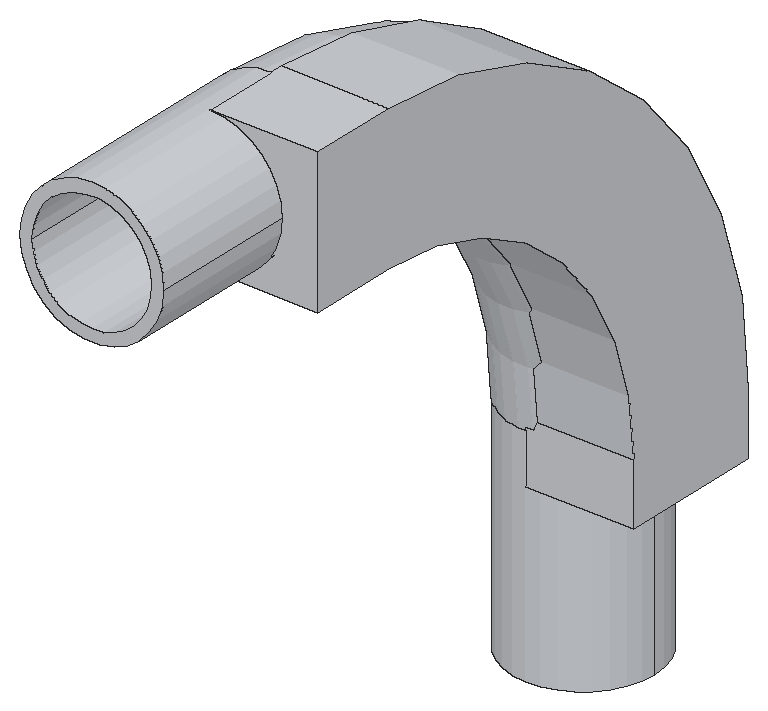
Revit family "PIB20B", category Generic Models, Revit 2017
Family settings
  Can host rebar = No
  Round Connector Dimension = Use Diameter
  Part Type = Normal
  Work Plane-Based = Yes
  Always vertical = No
  Cut with Voids When Loaded = No
  Shared = No
  Room Calculation Point = No
Parameters (values of type "NBS Standard Parameters")
  Weight = "0.0453Kg"
  WarrantyStartDate [instance] = "1900-12-31T23:59:59"
  WarrantyGuarantorParts = "n/a"
  WarrantyGuarantorLabor = "n/a"
  WarrantyDurationUnit = "1 year"
  WarrantyDurationParts = "n/a"
  WarrantyDurationLabor = "n/a"
  WarrantyDescription = "n/a"
  Version = "1"
  Uniclass2 = "Pr_65_70_11_20"
  TagNumber [instance] = "n/a"
  SustainabilityPerformance = "n/a"
  Size = "20mm"
  Shape = "Circular"
  SerialNumber [instance] = "n/a"
  Revision = "n/a"
  ReplacementCost = "n/a"
  ProductInformation = "www.metpro.co.uk/pdf/pib20w.pdf"
  NominalWidth = 112 mm
  NominalLength = 112 mm
  NominalHeight = 30 mm
  Name = ""
  NBSTypeID = ""
  NBSReference = "90-55-10/460"
  NBSOfficeMasterTag = ""
  NBSNote = ""
  NBSDescription = "Conduit Fittings"
  NBSCertification = ""
  ModelReference = "PIB20B"
  ModelNumber = "n/a"
  Material = "PVC"
  ManufacturerURL = "www.metpro.co.uk"
  ManufacturerName = "Metpro Ltd"
  Keynote = "Manufactured to BS4607 Part 1"
  InstallationDate [instance] = "1900-12-31T23:59:59"
  IfcExportType = ""
  IfcExportAs = ""
  Grade = "n/a"
  Finish = "Black"
  Features = "n/a"
  ExpectedLife = "n/a"
  DurationUnit = "year"
  Description = "PIB20B -PVC 20mm Conduit Inspection Bend"
  Default Elevation = 1219.2 mm
  Constituents = "n/a"
  Color = "n/a"
  CodePerformance = "n/a"
  Category = "n/a"
  BarCode [instance] = "n/a"
  BIMObjectName = "Metpro_metprolibrary_conduitfittings_pvccommponent_accessory"
  Author = "Metpro Ltd"
  AssetType = ""
  AssetIdentifier [instance] = "n/a"
  AccessibilityPerformance = "n/a"
Reference planes
  plane 1 "Center (Front/Back)": y = 0
  plane 2: z = 0
  plane 3 "Center (Left/Right)": x = 0
Forms (mm)
  Sweep 1, solid
    path origin (-10609.448, 178.929, 19.232) x (0, 1, 0) y (0, 0, 1)
      loop
        line (-18.392, 33.336) -> (19.108, 33.336)
        arc (19.108, 33.336) -> (65.07, 14.298) -> (84.108, -31.664) r 65
        line (84.108, -31.664) -> (84.108, -69.164)
    profile origin (-10609.448, 179.288, 52.568) x (0, 0, 1) y (1, 0, 0)
      loop
        circle (0, 0) r 12
      loop
        circle (0, 0) r 10
  Extrusion 2, solid
    sketch origin (-10609.448, 178.929, 19.232) x (0, 1, 0) y (0, 0, 1)
      loop
        line (6.202, 21.336) -> (21.108, 21.336)
        arc (21.108, 21.336) -> (57.171, 6.398) -> (72.108, -29.664) r 51
        line (72.108, -29.664) -> (72.108, -39.979) -> (96.108, -39.979) -> (96.108, -29.664)
        arc (96.108, -29.664) -> (74.141, 23.369) -> (21.108, 45.336) r 75
        line (21.108, 45.336) -> (6.202, 45.336) -> (6.202, 21.336)
    from 0 to 18
  Sweep 3, void
    path origin (-10609.448, 178.929, 19.232) x (0, 1, 0) y (0, 0, 1)
      loop
        line (-18.392, 33.336) -> (19.108, 33.336)
        arc (19.108, 33.336) -> (65.07, 14.298) -> (84.108, -31.664) r 65
        line (84.108, -31.664) -> (84.108, -69.164)
    profile origin (-10609.448, 179.288, 52.568) x (0, 0, 1) y (1, 0, 0)
      loop
        circle (0, 0) r 10
Cuts and joins
  Sweep 3 cuts Sweep 1
  Sweep 3 cuts Extrusion 2
Dimensions and locks
  aligned and locked: level to plane 2
